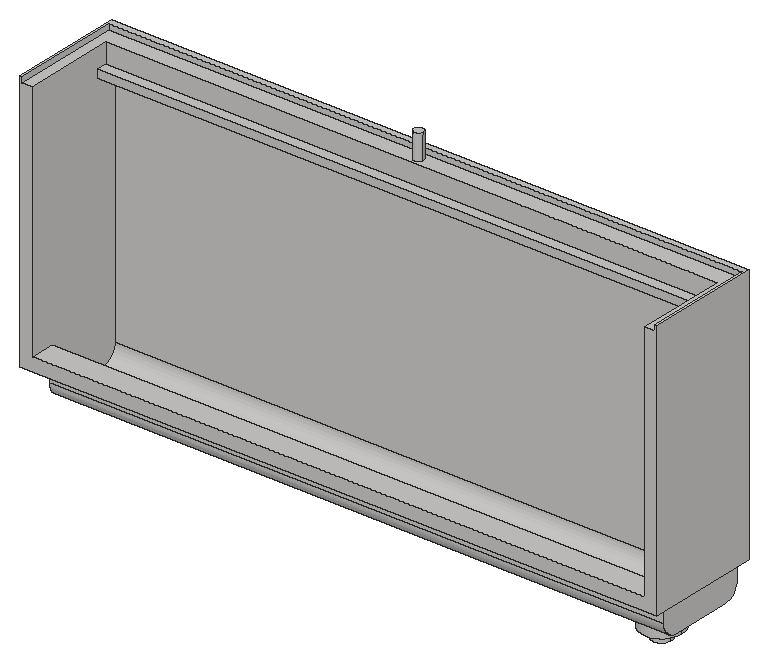
Revit family
Parameters (values of type "1675 X 300")
  Waste Connection Radius = Waste Connection Diameter / 2  # 25 mm
  Waste Connection Diameter = 50 mm
  Waste Connection = 1 = 1  # yes
  WFU = 0
  Vent Connection = 1 = 0  # no
  URL = "http://www.autospec.co.za/browse.php?id=1644179284"
  Product Code = "None"
  OmniClass Title = ""
  OmniClass Number = ""
  Modspec Classification = ""
  Specification = ""
  Location (revit room) = ""
  Material = Stainless Steel Grade 304
  Inlet Pipe Radius = Inlet Pipe Diameter / 2  # 12.5 mm
  Inlet Pipe Diameter = 25 mm
  Height = 780 mm
  HW Connection = 1 = 0  # no
  Description = ""
  Depth = 300 mm
  Default Elevation = 0 mm
  Colour = none
  CWFU = 0
  CW Connection = 1 = 1  # yes
  Body Finish = none
  Width = 1675 mm
  Model = "Trough Urinal KTU-1675 X 300"
  Manufacturer = "Kwikot"  # constant formula
  Assembly Code = "D2010210"
Reference planes
  plane 1 "Back": y = 0
  plane 2 "Bottom": z = 0
  plane 3 "Center (Left/Right)": x = 0
  plane 4 "Left": x = -837.5
  plane 5 "Right": x = 837.5
  plane 6 "Front": y = -300
  plane 7 "Top": z = 780
  plane 8: x = 807.5
  plane 9: x = -807.5
  plane 10: x = 737.5
  plane 11: y = -160
Forms (mm)
  Extrusion 1, solid, material "Stainless Steel Grade 304" <- "Material"
    sketch origin (-837.5, -491, 4000) x (0, -1, 0) y (0, 0, 1)
      loop
        line (-491, -4000) -> (-191, -4000) -> (-191, -3220) -> (-491, -3220) -> (-491, -4000)
    from 0 to -1675
  Extrusion 2, void
    sketch origin (-837.5, -491, 4000) x (0, 1, 0) y (0, 0, 1)
      loop
        line (251, -3905) -> (191, -3905) -> (191, -4030) -> (521, -4030) -> (521, -3960) -> (491, -3960)
        arc (491, -3960) -> (479.284, -3988.284) -> (451, -4000) r 40
        line (451, -4000) -> (291, -4000)
        arc (291, -4000) -> (262.716, -3988.284) -> (251, -3960) r 40
        line (251, -3960) -> (251, -3905)
    from 30 to 1645
  Extrusion 3, void
    sketch origin (-820.338, -300, 4000) x (1, 0, 0) y (0, 0, 1)
      loop
        line (12.838, -4000) -> (12.838, -3905) -> (-17.162, -3905) -> (-17.162, -4000) -> (12.838, -4000)
      loop
        line (1627.838, -4000) -> (1657.838, -4000) -> (1657.838, -3905) -> (1627.838, -3905) -> (1627.838, -4000)
    from 0 to -300
  Extrusion 4, void
    sketch origin (-820.338, -300, 4000) x (1, 0, 0) y (0, 0, 1)
      loop
        line (14.838, -3220) -> (14.838, -3870) -> (1625.838, -3870) -> (1625.838, -3220) -> (14.838, -3220)
    from 0 to -270
  Extrusion 5, void
    sketch origin (-837.5, -491, 4000) x (0, 1, 0) y (0, 0, 1)
      loop
        line (461, -3955) -> (461, -3870) -> (256, -3870) -> (256, -3955)
        arc (256, -3955) -> (267.716, -3983.284) -> (296, -3995) r 40
        line (296, -3995) -> (421, -3995)
        arc (421, -3995) -> (449.284, -3983.284) -> (461, -3955) r 40
    from 32 to 1643
  Extrusion 6, void
    sketch origin (-779.234, -1524, 780) x (0, -1, 0) y (-1, 0, 0)
      loop
        line (-1224, 53.266) -> (-1509, 53.266) -> (-1509, -1611.734) -> (-1224, -1611.734) -> (-1224, 53.266)
    from 0 to 15
  Extrusion 7, solid, material "Stainless Steel Grade 304" <- "Material"
    sketch origin (-837.5, -491, 4000) x (0, -1, 0) y (0, 0, 1)
      loop
        line (-461, -3235) -> (-461, -3305) -> (-401, -3305) -> (-401, -3285) -> (-431, -3285) -> (-431, -3235) -> (-461, -3235)
    from -32 to -1643
  Extrusion 8, solid, material "Stainless Steel Grade 304" <- "Material"
    sketch origin (0, 0, 0) x (1, 0, 0) y (0, 1, 0)
      loop
        circle (737.5, -160) r 35
      loop
        circle (737.5, -160) r 53
    from 5 to -25
  Extrusion 9, solid, material "Stainless Steel Grade 304"
    sketch origin (-779.234, -1524, 780) x (-1, 0, 0) y (0, -1, 0)
      loop
        circle (-779.234, -1486.5) r 12.5
    from -15 to 50
  Extrusion 10, solid, material "Stainless Steel Grade 304" <- "Material"
    sketch origin (0, 0, 0) x (1, 0, 0) y (0, 1, 0)
      loop
        circle (737.5, -160) r 25
      loop
        circle (737.5, -160) r 23
    from -25 to -50
  Extrusion 11, void
    sketch origin (0, 0, 0) x (0, 1, 0) y (1, 0, 0)
      loop
        circle (-160, 737.5) r 35
    from 0 to -5
  Extrusion 12, solid, material "Stainless Steel Grade 304" <- "Material"
    sketch origin (0, 0, -25) x (0, 1, 0) y (1, 0, 0)
      loop
        circle (-160, 737.5) r 35
      loop
        circle (-160, 737.5) r 25
    from 0 to -3
Cuts and joins
  Extrusion 2, Extrusion 3, Extrusion 4, Extrusion 5, Extrusion 6, Extrusion 11 cuts Extrusion 1
  Extrusion 11 cuts Extrusion 7
  Extrusion 11 cuts Extrusion 8
  Extrusion 11 cuts Extrusion 10
  joined: Extrusion 1, Extrusion 7, Extrusion 8, Extrusion 10, Extrusion 12
Lines and regions (mm)
  symbolic lines
    curve 1: line (-837.5, -300, 780) -> (837.5, -300, 780)
    curve 2: line (837.5, -300, 780) -> (837.5, 0, 780)
    curve 3: line (837.5, 0, 780) -> (-837.5, 0, 780)
    curve 4: line (-837.5, 0, 780) -> (-837.5, -300, 780)
    curve 5: line (832.5, -15, 780) -> (-832.5, -15, 780)
    curve 6: line (-832.5, -15, 780) -> (-832.5, -300, 780)
    curve 7: line (-805.5, -30, 780) -> (-805.5, -300, 780)
    curve 8: line (-805.5, -90, 780) -> (805.5, -90, 780)
    curve 9: line (-805.5, -60, 780) -> (805.5, -60, 780)
    curve 10: line (-805.5, -235, 780) -> (805.5, -235, 780)
    curve 11: line (805.5, -300, 780) -> (805.5, -30, 780)
    curve 12: line (805.5, -30, 780) -> (-805.5, -30, 780)
  symbolic lines, detail levels fine
    curve 13: arc (-12.5, -37.5, 780) -> (0, -50, 780) -> (12.5, -37.5, 780) r 12.5
    curve 14: arc (12.5, -37.5, 780) -> (0, -25, 780) -> (-12.5, -37.5, 780) r 12.5
    curve 15: arc (762.5, -160, -25) -> (737.5, -185, -25) -> (712.5, -160, -25) r 25
    curve 16: arc (712.5, -160, -25) -> (737.5, -135, -25) -> (762.5, -160, -25) r 25
    curve 17: arc (772.5, -160, -25) -> (737.5, -195, -25) -> (702.5, -160, -25) r 35
    curve 18: arc (702.5, -160, -25) -> (737.5, -125, -25) -> (772.5, -160, -25) r 35
Dimensions and locks
  "Height": plane 7 "Top" to plane 2 "Bottom"
  "Width": plane 4 "Left" to plane 5 "Right"
  equal spacing: plane 4 "Left", plane 3 "Center (Left/Right)", plane 5 "Right"
  "Depth": plane 1 "Back" to plane 6 "Front"
  plane 7 "Top" to Extrusion 7 = 85 mm
  locked: Extrusion 4 sketch curve to plane 5 "Right" at 32
  locked: plane 4 "Left" to Extrusion 4 sketch curve at 32
  locked: plane 4 "Left" to plane 9 at 30
  locked: plane 8 to plane 5 "Right" at 30
  cut or joined group 1 (Extrusion 1, Extrusion 2, Extrusion 3, Extrusion 4, Extrusion 5, Extrusion 6, Extrusion 7, Extrusion 8, Extrusion 10, Extrusion 11, Extrusion 12) to plane 8 = 2 mm
  Extrusion 9 sketch curve to plane 1 "Back" = 37.5 mm
  Extrusion 10 sketch curve to plane 5 "Right" = 100 mm
  Extrusion 10 sketch curve to plane 1 "Back" = 160 mm
  cut or joined group 1 to plane 6 "Front" = 60 mm
  plane 10 to plane 5 "Right" = 100 mm
  Extrusion 8 sketch curve to plane 6 "Front" = 140 mm
  plane 11 to plane 6 "Front" = 140 mm
  radius of Extrusion 8 sketch curve = 35 mm
  "Inlet Pipe Radius": radius of Extrusion 9 sketch curve
  "Waste Connection Radius": radius of Extrusion 10 sketch curve
  radius of Extrusion 2 sketch curve = 40 mm  (x2)
  aligned and locked: plane 2 "Bottom" to level
  aligned and locked: Extrusion 1 sketch curve to level
  aligned and locked: Extrusion 1 sketch curve to plane 1 "Back"
  aligned and locked: plane 7 "Top" to Extrusion 1 sketch curve
  aligned and locked: Extrusion 1 sketch curve to plane 6 "Front"
  aligned and locked: Extrusion 3 sketch curve to cut or joined group 1  (x3)
  aligned and locked: Extrusion 3 sketch curve to plane 4 "Left"
  aligned and locked: Extrusion 3 sketch curve to plane 5 "Right"
  aligned and locked: Extrusion 3 sketch curve to plane 2 "Bottom"
  aligned and locked: Extrusion 3 sketch curve to Extrusion 3 sketch curve
  aligned and locked: plane 7 "Top" to Extrusion 4 sketch curve
  aligned and locked: Extrusion 5 sketch curve to cut or joined group 1
  aligned and locked: cut or joined group 1 to Extrusion 5 sketch curve
  aligned and locked: cut or joined group 1 to Extrusion 6 sketch curve
  aligned and locked: Extrusion 7 sketch curve to cut or joined group 1  (x2)
  aligned and locked: cut or joined group 1 to Extrusion 7  (x2)
  aligned and locked: Extrusion 1 to plane 5 "Right"
  aligned and locked: Extrusion 2 to Extrusion 3
  aligned and locked: Extrusion 2 to plane 8
  aligned and locked: Extrusion 5 to Extrusion 4
  aligned and locked: plane 3 "Center (Left/Right)" to Extrusion 9 sketch curve
  aligned and locked: cut or joined group 1 to Extrusion 9
  aligned and locked: Extrusion 10 to cut or joined group 1
  aligned and locked: curve 1 to cut or joined group 1
  aligned and locked: curve 2 to cut or joined group 1
  aligned and locked: curve 3 to cut or joined group 1
  aligned and locked: curve 4 to cut or joined group 1
  aligned and locked: curve 5 to cut or joined group 1
  aligned and locked: curve 6 to cut or joined group 1
  aligned and locked: curve 7 to cut or joined group 1
  aligned and locked: curve 8 to cut or joined group 1
  aligned and locked: curve 9 to cut or joined group 1
  aligned and locked: curve 10 to cut or joined group 1
  aligned and locked: curve 11 to cut or joined group 1
  aligned and locked: curve 13 to Extrusion 9
  aligned and locked: curve 14 to Extrusion 9
  aligned and locked: plane 10 to Extrusion 10 sketch curve
  aligned and locked: Extrusion 11 sketch curve to cut or joined group 1  (x2)
  aligned and locked: Extrusion 11 to Extrusion 5
  aligned and locked: Extrusion 12 sketch curve to cut or joined group 1  (x4)
  aligned and locked: Extrusion 8 to Extrusion 5
  aligned and locked: curve 15 to cut or joined group 1
  aligned and locked: curve 16 to cut or joined group 1
  aligned and locked: curve 17 to cut or joined group 1
  aligned and locked: curve 18 to cut or joined group 1
  aligned and locked: plane 10 to Extrusion 8 sketch curve
Automatic sketch dimensions
  Extrusion 2 sketch curve to plane 6 "Front" = 0 mm
  Extrusion 2 sketch curve to level = 0 mm
  Extrusion 2 sketch curve to plane 1 "Back" = 0 mm
  plane 6 "Front" to Extrusion 2 sketch curve = 60 mm
  Extrusion 2 sketch curve to Extrusion 2 sketch curve = 30 mm
  Extrusion 2 sketch curve to level = 30 mm
  plane 1 "Back" to Extrusion 5 sketch curve = 70 mm
  plane 6 "Front" to Extrusion 5 sketch curve = 105 mm
  plane 6 "Front" to Extrusion 5 sketch curve = 65 mm
  plane 1 "Back" to Extrusion 6 sketch curve = 15 mm
  plane 5 "Right" to Extrusion 6 sketch curve = 5 mm
  Extrusion 6 sketch curve to plane 4 "Left" = 5 mm
  Extrusion 7 sketch curve to Extrusion 7 sketch curve = 30 mm  (x2)
  Extrusion 7 sketch curve to Extrusion 7 sketch curve = 50 mm
  Extrusion 7 sketch curve to Extrusion 7 sketch curve = 20 mm
  Extrusion 2 sketch curve to Extrusion 2 sketch curve = 55 mm
  Extrusion 3 sketch curve to Extrusion 3 sketch curve = 95 mm
  level to Extrusion 4 sketch curve = 130 mm
  level to Extrusion 5 sketch curve = 45 mm
  curve 1 to plane 5 "Right" = 0 mm
  curve 11 to plane 6 "Front" = 0 mm
  plane 1 "Back" to curve 4 = 0 mm
  curve 4 to plane 4 "Left" = 0 mm
  plane 5 "Right" to curve 5 = 5 mm
  plane 8 to curve 12 = 2 mm
  curve 7 to plane 9 = 2 mm
  curve 6 to plane 4 "Left" = 5 mm
  plane 1 "Back" to curve 6 = 15 mm
  plane 1 "Back" to curve 11 = 30 mm
  curve 7 to curve 9 = 30 mm
  curve 9 to curve 8 = 30 mm
  plane 6 "Front" to curve 10 = 65 mm
  Extrusion 8 sketch curve to plane 10 = 0 mm
  Extrusion 10 sketch curve to plane 11 = 0 mm
  Extrusion 8 sketch curve to Extrusion 8 sketch curve = 0 mm
  radius of Extrusion 10 sketch curve = 23 mm
  radius of Extrusion 8 sketch curve = 53 mm
Connectors
  piping at (737.5, -160, -50), driven by "Waste Connection Radius", driven by "WFU"
    settings: on cut or joined group 1, index 1, connector radius 25 mm, flow factor 0, pipe flow 0.0 L/s, pressure drop 0.0 Pa, fitting loss kfactor 0, connector angle 0.00°, fixture units 0, flow configuration 3, flow direction 2, fitting loss method 0, system type 16, connector reference index -1, connector utility 0, adjustable connector no, is connector primary no, fitting loss table "", connector description ""
  piping at (0, -37.5, 830), driven by "Inlet Pipe Radius", driven by "CWFU"
    settings: on Extrusion 9, index 2, connector radius 12.5 mm, flow factor 0, pipe flow 0.0 L/s, pressure drop 0.0 Pa, fitting loss kfactor 0, connector angle 0.00°, fixture units 0, flow configuration 3, flow direction 1, fitting loss method 0, system type 20, connector reference index -1, connector utility 0, adjustable connector no, is connector primary yes, fitting loss table "", connector description ""
